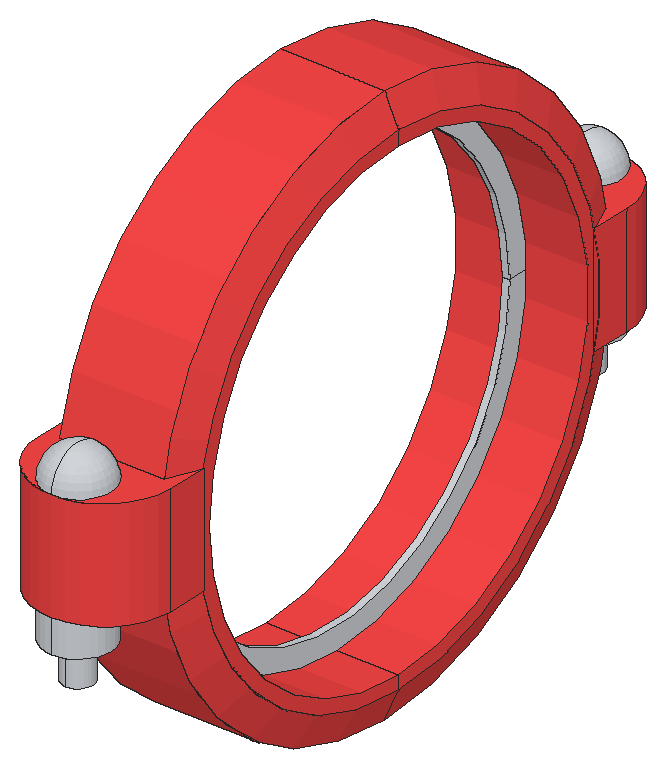
Revit family "G-Fire_Coupling_Grv_Fig.577_Metric", category Pipe Fittings, Revit 2018
Family settings
  Round Connector Dimension = Use Radius
  Part Type = Flange
  OmniClass Number = 23.60.30.11.14
  OmniClass Title = Pipework Fittings
  Work Plane-Based = No
  Always vertical = Yes
  Cut with Voids When Loaded = No
  Shared = Yes
Parameters (values of type "G-Fire_Coupling_Grv_Fig.577_Red3000")
  URL = "www.tyco-fire.com"
  Technical Data Sheet No = "TFP1854"
  Tag Number [instance] = ""
  Symbol Length [instance] = Pipe NR / 4  # 25 mm
  Symbol Height [instance] = Pipe ND / 2  # 100 mm
  Product Name = "G-FIRE Figure 577\r\nG-FIRE Figure 577\r\nGrooved Rigid Coupling"
  Pipe OR [instance] = Pipe OD / 2  # 109.55 mm
  Pipe OD [instance] = size_lookup(Lookup Table Name, "OD", Pipe ND + 3.2 mm, Pipe ND)  # 219.1 mm
  Pipe NR [instance] = Pipe ND / 2  # 100 mm
  Pipe ND [instance] = 200 mm
  PartNumber [instance] = size_lookup(Lookup Table Name, "", "NA", Pipe ND, GValue)  # "577-DN200"
  PNS [instance] = if(Tri_Seal, 0.5 mm, 0 mm)  # 0 mm
  PNE [instance] = if(GasketGradeE, 0 mm, 0 mm)  # 0 mm
  Model = "Fig.577"
  Meterial = Ductile iron ASTM A536
  Finish = Tyco - Red RAL3000
  End Gap [instance] = 3.175 mm
  Manufacturer = "Tyco"
  Loss Method = Not Defined
  Lookup Table Name = "Coupling-Tyco-577"
  Insertion Point [instance] = 0 mm
  Inner Radius [instance] = A / 2 - 15.875 mm  # 114.3 mm
  HaftC [instance] = C / 2  # 30.48 mm
  Tri_Seal [instance] = no
  GasketGradeE [instance] = no
  GValue [instance] = PNE + PNS  # 0 mm
  Fitting Size [instance] = if(and(Pipe ND = 25 mm), "25", if(and(Pipe ND = 32 mm), "32", if(and(Pipe ND = 40 mm), "40", if(and(Pipe ND = 50 mm), "50", if(and(Pipe ND = 65 mm), "65", if(and(Pipe ND = 80 mm), "80", if(and(Pipe ND = 100 mm), "100", if(and(Pipe ND = 125 mm), "125", if(and(Pipe ND = 150 mm), "150", if(and(Pipe ND = 200 mm), "200", if(and(Pipe ND = 250 mm), "250", if(and(Pipe ND = 300 mm), "300", if(and(Pipe ND = 25.4 mm), "1", if(and(Pipe ND = 31.8 mm), "1.25", if(and(Pipe ND = 38.1 mm), "1.5", if(and(Pipe ND = 50.8 mm), "2", if(and(Pipe ND = 63.5 mm), "2.5", if(and(Pipe ND = 76.2 mm), "3", if(and(Pipe ND = 101.6 mm), "4", if(and(Pipe ND = 127 mm), "5", if(and(Pipe ND = 152.4 mm), "6", if(and(Pipe ND = 203.2 mm), "8", if(and(Pipe ND = 254 mm), "10", if(and(Pipe ND = 304.8 mm), "12", "NA"))))))))))))))))))))))))  # "200"
  Fitting Description [instance] = "Rigid Coupling"
  Description = "Grooved Rigid Coupling"
  Coating = Tyco - Red RAL3000
  INC [instance] = Insertion Point - (C / 2)  # -30.48 mm
  COBie.Type.WarrantyGuarantorParts = "http://tycofsbp.com/TFPPTerms_of_Sale/TFPPTerms_of_Sale.pdf"
  COBie.Type.WarrantyGuarantorLabor = "n/a"
  COBie.Type.WarrantyDurationUnit = "year"
  COBie.Type.WarrantyDurationParts = "n/a"
  COBie.Type.WarrantyDurationLabor = "n/a"
  COBie.Type.WarrantyDescription = "n/a"
  COBie.Type.SustainabilityPerformance = "n/a"
  COBie.Type.Size [instance] = Fitting Size  # "200"
  COBie.Type.Shape = "n/a"
  COBie.Type.ReplacementCost = "0.00"
  COBie.Type.NominalWidth = "0.0"
  COBie.Type.NominalLength = "0.0"
  COBie.Type.NominalHeight = "0.0"
  COBie.Type.ModelReference = "Grooved Coupling (Gpf)"
  COBie.Type.ModelNumber [instance] = PartNumber  # "577-DN200"
  COBie.Type.Material = "Ductile Iron"
  COBie.Type.Manufacturer = "Tyco Fire Protection Products"
  COBie.Type.Grade = "n/a"
  COBie.Type.Finish = "n/a"
  COBie.Type.Features = "n/a"
  COBie.Type.ExpectedLife = "n/a"
  COBie.Type.DurationUnit = "year"
  COBie.Type.Constituents = "n/a"
  COBie.Type.Colour = "n/a"
  COBie.Type.CodePerformance = "n/a"
  COBie.Type.Category = "Pr_65_52_63_11:Fittings"
  COBie.Type.AssetType = "Fixed"
  COBie.Type.AccessibilityPerformance = "n/a"
  COBie.Type = yes
  COBie.CreatedOn [instance] = ""
  COBie.CreatedBy [instance] = "Johnson Controls RFa Builder v5.1.7.75"
  COBie.Component.WarrantyStartDate [instance] = "1900-12-31T23:59:59"
  COBie.Component.TagNumber [instance] = "n/a"
  COBie.Component.SerialNumber [instance] = "n/a"
  COBie.Component.Name [instance] = "Fittings:Grooved Coupling"
  COBie.Component.InstallationDate [instance] = "1900-12-31T23:59:59"
  COBie.Component.Description [instance] = "Grooved Coupling (Gpf)"
  COBie.Component.BarCode [instance] = "n/a"
  COBie.Component.AssetIdentifier [instance] = "n/a"
  COBie = yes
  C [instance] = size_lookup(Lookup Table Name, "C", 63.5 mm, Pipe ND)  # 60.96 mm
  BoltType = yes
  BoltDepth2 [instance] = if(and(Pipe ND = 50 mm), 92.1 mm, if(and(Pipe ND = 65 mm), 92.1 mm, if(and(Pipe ND = 80 mm), 92.1 mm, if(and(Pipe ND = 100 mm), 92.1 mm, if(and(Pipe ND = 125 mm), 114.3 mm, if(and(Pipe ND = 150 mm), 114.3 mm, if(and(Pipe ND = 200 mm), 114.3 mm, if(and(Pipe ND = 50.8 mm), 92.1 mm, if(and(Pipe ND = 63.5 mm), 92.1 mm, if(and(Pipe ND = 76.2 mm), 92.1 mm, if(and(Pipe ND = 101.6 mm), 92.1 mm, if(and(Pipe ND = 127 mm), 114.3 mm, if(and(Pipe ND = 152.4 mm), 114.3 mm, if(and(Pipe ND = 203.2 mm), 114.3 mm, BoltDepth1))))))))))))))  # 114.3 mm
  BoltDepth1 [instance] = if(and(Pipe ND = 25 mm), 57.2 mm, if(and(Pipe ND = 32 mm), 57.2 mm, if(and(Pipe ND = 40 mm), 57.2 mm, if(and(Pipe ND = 50 mm), 57.2 mm, if(and(Pipe ND = 65 mm), 57.2 mm, if(and(Pipe ND = 80 mm), 57.2 mm, if(and(Pipe ND = 100 mm), 57.2 mm, if(and(Pipe ND = 125 mm), 82.6 mm, if(and(Pipe ND = 150 mm), 82.6 mm, if(and(Pipe ND = 200 mm), 101.6 mm, if(and(Pipe ND = 250 mm), 165.1 mm, if(and(Pipe ND = 300 mm), 165.1 mm, if(and(Pipe ND = 350 mm), 139.7 mm, if(and(Pipe ND = 400 mm), 139.7 mm, if(and(Pipe ND = 450 mm), 139.7 mm, if(and(Pipe ND = 500 mm), 146.1 mm, if(and(Pipe ND = 600 mm), 146.1 mm, if(and(Pipe ND = 25.4 mm), 57.2 mm, if(and(Pipe ND = 31.8 mm), 57.2 mm, if(and(Pipe ND = 38.1 mm), 57.2 mm, if(and(Pipe ND = 50.8 mm), 57.2 mm, if(and(Pipe ND = 63.5 mm), 57.2 mm, if(and(Pipe ND = 76.2 mm), 57.2 mm, if(and(Pipe ND = 101.6 mm), 57.2 mm, if(and(Pipe ND = 127 mm), 82.6 mm, if(and(Pipe ND = 152.4 mm), 82.6 mm, if(and(Pipe ND = 203.2 mm), 101.6 mm, if(and(Pipe ND = 254 mm), 165.1 mm, if(and(Pipe ND = 304.8 mm), 165.1 mm, if(and(Pipe ND = 355.6 mm), 139.7 mm, if(and(Pipe ND = 406.4 mm), 139.7 mm, if(and(Pipe ND = 457.2 mm), 139.7 mm, if(and(Pipe ND = 508 mm), 146.1 mm, if(and(Pipe ND = 609.6 mm), 146.1 mm, 152.4 mm))))))))))))))))))))))))))))))))))  # 101.6 mm
  Bolt Radius [instance] = if(Pipe ND > 450 mm, 14.3 mm, if(Pipe ND > 300 mm, 12.7 mm, if(Pipe ND > 200 mm, 9.5 mm, if(Pipe ND > 150 mm, 6.9 mm, if(Pipe ND > 100 mm, 6.4 mm, if(Pipe ND > 20 mm, 4.8 mm, 12.7 mm))))))  # 6.9 mm
  Bolt Pad Depth [instance] = if(and(Pipe ND = 25 mm), 38.1 mm, if(and(Pipe ND = 32 mm), 38.1 mm, if(and(Pipe ND = 40 mm), 38.1 mm, if(and(Pipe ND = 50 mm), 38.1 mm, if(and(Pipe ND = 65 mm), 38.1 mm, if(and(Pipe ND = 80 mm), 38.1 mm, if(and(Pipe ND = 100 mm), 38.1 mm, if(and(Pipe ND = 125 mm), 44.5 mm, if(and(Pipe ND = 150 mm), 50.8 mm, if(and(Pipe ND = 200 mm), 50.8 mm, if(and(Pipe ND = 250 mm), 76.2 mm, if(and(Pipe ND = 300 mm), 76.2 mm, if(and(Pipe ND = 350 mm), 76.2 mm, if(and(Pipe ND = 25.4 mm), 38.1 mm, if(and(Pipe ND = 31.8 mm), 38.1 mm, if(and(Pipe ND = 38.1 mm), 38.1 mm, if(and(Pipe ND = 50.8 mm), 38.1 mm, if(and(Pipe ND = 63.5 mm), 38.1 mm, if(and(Pipe ND = 76.2 mm), 38.1 mm, if(and(Pipe ND = 101.6 mm), 38.1 mm, if(and(Pipe ND = 127 mm), 44.5 mm, if(and(Pipe ND = 152.4 mm), 50.8 mm, if(and(Pipe ND = 203.2 mm), 76.2 mm, if(and(Pipe ND = 254 mm), 76.2 mm, if(and(Pipe ND = 304.8 mm), 76.2 mm, if(and(Pipe ND = 355.6 mm), 76.2 mm, 114.3 mm))))))))))))))))))))))))))  # 50.8 mm
  Bolt L [instance] = size_lookup(Lookup Table Name, "Bolt", 151 mm, Pipe ND)  # 83 mm
  Bolt Depth [instance] = if(BoltType, BoltDepth1, BoltDepth2)  # 101.6 mm
  B [instance] = size_lookup(Lookup Table Name, "B", Pipe ND + 101.6 mm, Pipe ND)  # 324.612 mm
  Assembly Code = ""
  A/2 [instance] = A / 2  # 130.175 mm
  A [instance] = size_lookup(Lookup Table Name, "A", Pipe ND + 38.1 mm, Pipe ND)  # 260.35 mm
Types (3, lengths in mm): name | Finish | Coating
  G-Fire_Coupling_Grv_Fig.577_Red3000 | Tyco - Red RAL3000 | Tyco - Red RAL3000
  G-Fire_Coupling_Grv_Fig.577_Galvanized | Tyco - Galvanized | Tyco - Galvanized
  G-Fire_Coupling_Grv_Fig.577_Orange | Tyco - Orange Paint | Tyco - Orange Paint
Reference planes
  plane 1 "Center (Front/Back)": y = 0
  plane 2: z = 0
  plane 3 "Center (Left/Right)": x = 913.606
  plane 4: y = 50
  plane 5: y = -50
  plane 6: z = 130.175
  plane 7: z = 109.55
  plane 8: x = 883.126
  plane 9: x = 944.086
  plane 10: z = 112.725
  plane 11: x = 889.476
  plane 12: x = 937.736
  plane 13: z = 115.9
  plane 14: x = 912.019
  plane 15: x = 915.194
  plane 16: y = 100
Forms (mm)
  Revolve 1, solid, material "Tyco - Red RAL3000" <- "Finish", detail levels fine
    sketch origin (0, 0, 0) x (1, 0, 0) y (0, 0, 1)
      loop
        line (883.126, 109.55) -> (944.086, 109.55) -> (944.086, 115.9) -> (937.845, 130.175) -> (889.476, 130.175) -> (883.126, 115.9) -> (883.126, 109.55)
      axis (883.126, 0) -> (944.086, 0)
    angle from 0 to 360
  Revolve 2, void
    sketch origin (0, 0, 0) x (1, 0, 0) y (0, 0, 1)
      loop
        line (889.476, 112.725) -> (889.476, 109.55) -> (937.736, 109.55) -> (937.736, 112.725) -> (889.476, 112.725)
      axis (889.476, 0) -> (937.736, 0)
    angle from 0 to 360
  Revolve 3, solid, detail levels fine
    sketch origin (0, 0, 0) x (1, 0, 0) y (0, 1, 0)
      loop
        line (912.019, 100) -> (915.194, 100) -> (915.194, 112.725) -> (912.019, 112.725) -> (912.019, 100)
      axis (915.194, 0) -> (912.019, 0)
    angle from 0 to 360
Dimensions and locks
  equal spacing: plane 4, plane 1 "Center (Front/Back)", plane 5
  "Symbol Height": plane 4 to plane 5
  "A/2": plane 6 to level
  "Pipe OR": plane 7 to level
  "C": plane 9 to plane 8
  locked: plane 11 to plane 8 at 6.35
  locked: plane 9 to plane 12 at 6.35
  locked: plane 13 to plane 10 at 3.175
  equal spacing: plane 14, plane 3 "Center (Left/Right)", plane 15
  "End Gap": plane 14 to plane 15
  "Pipe NR": plane 1 "Center (Front/Back)" to plane 16
  "HaftC": plane 3 "Center (Left/Right)" to plane 8
  locked: plane 10 to plane 7 at 3.175
  aligned and locked: Revolve 1 sketch curve to plane 6  (x2)
  aligned and locked: plane 9 to Revolve 1 sketch curve
  aligned and locked: Revolve 1 sketch curve to plane 8
  aligned and locked: Revolve 1 sketch curve to plane 13
  aligned and locked: Revolve 1 sketch curve to plane 2
  aligned and locked: Revolve 2 sketch curve to plane 10
  aligned and locked: Revolve 2 sketch curve to plane 7
  aligned and locked: Revolve 2 sketch curve to plane 11
  aligned and locked: plane 12 to Revolve 2 sketch curve
  aligned and locked: Revolve 2 sketch curve to level
  aligned and locked: level to nested 1
  aligned and locked: nested 1 to plane 1 "Center (Front/Back)"
  aligned and locked: nested 2 to level
  aligned and locked: nested 2 to plane 1 "Center (Front/Back)"
  aligned and locked: plane 16 to Revolve 3 sketch curve
  aligned and locked: plane 15 to Revolve 3 sketch curve
  aligned and locked: Revolve 3 sketch curve to plane 14
  aligned and locked: Revolve 3 sketch curve to nested 1
  aligned and locked: Revolve 3 sketch curve to plane 1 "Center (Front/Back)"
Automatic sketch dimensions
  Revolve 2 sketch curve to plane 9 = 1623.36 mm
  Revolve 2 sketch curve to plane 8 = 2411.034 mm
  Revolve 3 sketch curve to plane 8 = 2400.399 mm
  Revolve 3 sketch curve to plane 9 = 573.187 mm
  Revolve 1 sketch curve to plane 11 = 0 mm
  Revolve 1 sketch curve to plane 7 = 0 mm
  Revolve 1 sketch curve to plane 13 = 0 mm
  plane 12 to Revolve 1 sketch curve = 0.109 mm
  Revolve 1 sketch curve to plane 8 = 2400.399 mm
  Revolve 1 sketch curve to plane 9 = 1623.36 mm
Nested families
  nested 1: "Coupling_Bolt_Pad" at (1265.272, 305.594, 0) x (0, 1, 0) z (0, 0, 1), Point <- "Insertion Point", Pipe OD <- "Pipe OD", Pipe ND <- "Pipe ND", C <- "C", Bolt Pad Depth <- "Bolt Pad Depth", Bolt Depth <- "BoltDepth1", B <- "B", A <- "A", Bolt Size <- "Bolt Radius", Coating <- "Finish", Bolt L <- "Bolt L", type "772-Rigid Coupling", detail levels fine
    with X2 162.306 mm, X 49.581 mm, Symbol Length 25 mm, Symbol Height 100 mm, Point 0 mm, Pipe OR 109.55 mm, Pipe OD 219.1 mm, Pipe NR 100 mm, Pipe ND 200 mm, PADX2 81.712 mm, PADX1 49.581 mm, PADX 112.725 mm, PAD1 76.2 mm, PAD 25.4 mm, NandBY1 15.24 mm, Max End Gap 3.175 mm, Insertion Point 112.725 mm, Inner Radius 114.3 mm, HaftC 30.48 mm, Coating Tyco - Red RAL3000, C 60.96 mm, Bolt Size 6.9 mm, Bolt Pad Depth 50.8 mm, Bolt L 83 mm, Bolt Depth 101.6 mm, B 324.612 mm, A/2 130.175 mm, A 260.35 mm
  nested 2: "Coupling_Bolt_Pad" at (1265.272, -305.594, 0) x (0, -1, 0) z (0, 0, 1), Point <- "Insertion Point", Pipe OD <- "Pipe OD", Pipe ND <- "Pipe ND", C <- "C", Bolt Pad Depth <- "Bolt Pad Depth", Bolt Depth <- "Bolt Depth", B <- "B", A <- "A", Bolt Size <- "Bolt Radius", Coating <- "Finish", Bolt L <- "Bolt L", type "772-Rigid Coupling", detail levels fine
    with X2 162.306 mm, X 49.581 mm, Symbol Length 25 mm, Symbol Height 100 mm, Point 0 mm, Pipe OR 109.55 mm, Pipe OD 219.1 mm, Pipe NR 100 mm, Pipe ND 200 mm, PADX2 81.712 mm, PADX1 49.581 mm, PADX 112.725 mm, PAD1 76.2 mm, PAD 25.4 mm, NandBY1 15.24 mm, Max End Gap 3.175 mm, Insertion Point 112.725 mm, Inner Radius 114.3 mm, HaftC 30.48 mm, Coating Tyco - Red RAL3000, C 60.96 mm, Bolt Size 6.9 mm, Bolt Pad Depth 50.8 mm, Bolt L 83 mm, Bolt Depth 101.6 mm, B 324.612 mm, A/2 130.175 mm, A 260.35 mm
  nested 3: "Symbol" at (913.606, 0, 0), Nominal Radius <- "Pipe OR", type "Standard"
    with Tick Size 88.91 mm, Nominal Radius 109.55 mm, Nominal Diameter 219.1 mm, Length 111.137 mm, Fitting Outside Radius 111.137 mm, Fitting Outside Diameter 222.275 mm
Connectors
  piping at (915.194, 0, 0), diameter 200, driven by "Pipe NR"
    settings: on Revolve 3, index 1, connector inside diameter 304.8 mm, connector length 0 mm, flow factor 0, pipe flow 0 GPM, pressure drop 0.00 psi, fitting loss kfactor 0, connector angle 0.00°, fixture units 0, engagement length 0 mm, angle of deflection 0.00°, flow configuration 0, flow direction 0, fitting loss method 0, system type 28, joint type 0, gender type 0, connector reference index -1, connector utility 0, adjustable connector no, is connector primary yes, connector description ""
  piping at (912.019, 0, 0), diameter 200, driven by "Pipe NR"
    settings: on Revolve 3, index 2, connector inside diameter 304.8 mm, connector length 0 mm, flow factor 0, pipe flow 0 GPM, pressure drop 0.00 psi, fitting loss kfactor 0, connector angle 0.00°, fixture units 0, engagement length 0 mm, angle of deflection 0.00°, flow configuration 0, flow direction 0, fitting loss method 0, system type 28, joint type 0, gender type 0, connector reference index -1, connector utility 0, adjustable connector no, is connector primary no, connector description ""
Definition of nested family "Coupling_Bolt_Pad"
  Parameters (values of type "Coupling_Pad")
    X2 [instance] = Insertion Point + X  # 287.536 mm
    X [instance] = PADX1  # 81.161 mm
    URL = ""
    Symbol Length [instance] = Pipe NR / 4  # 50.8 mm
    Symbol Height [instance] = Pipe ND / 2  # 203.2 mm
    Point [instance] = 304.8 mm
    Pipe OR [instance] = Pipe OD / 2  # 203.2 mm
    Pipe OD [instance] = 406.4 mm
    Pipe NR [instance] = Pipe ND / 2  # 203.2 mm
    Pipe ND [instance] = 406.4 mm
    PADX2 [instance] = B - (PADX + A / 2)  # 133.747 mm
    PADX1 [instance] = (B / 2) - PADX  # 81.161 mm
    PADX [instance] = Pipe OR + 3.175 mm  # 206.375 mm
    PAD1 [instance] = Bolt Depth - PAD  # 82.55 mm
    PAD [instance] = Bolt Pad Depth / 2  # 57.15 mm
    NandBY1 [instance] = HaftC / 2  # 18.604 mm
    Model = ""
    Max End Gap [instance] = 3.175 mm
    Manufacturer = ""
    Loss Method = (empty or 0)
    Insertion Point [instance] = PADX  # 206.375 mm
    Inner Radius [instance] = A / 2 - 15.875 mm  # 219.075 mm
    HaftC [instance] = C / 2  # 37.207 mm
    Gasket Type = none
    Description = ""
    Coating [instance] = none
    C [instance] = 74.414 mm
    Bolt Size [instance] = 13.524 mm
    Bolt Pad Depth [instance] = 114.3 mm
    Bolt L [instance] = 200 mm
    Bolt Depth [instance] = 139.7 mm
    B [instance] = 575.072 mm
    Assembly Code = ""
    A/2 [instance] = A / 2  # 234.95 mm
    A [instance] = 469.9 mm
  Types (2, lengths in mm): name | URL | Model | Manufacturer | Description | Bolt L
    Coupling_Pad | "" | "" | "" | "" | 200
    772-Rigid Coupling | "www.grinnell.com" | "Rigid Coupling" | "Tyco" | "Rigid Coupling" | 241.861
  Reference planes
    plane 1 "Center (Front/Back)": y = 46.866
    plane 2: z = 0
    plane 3 "Center (Left/Right)": x = -99.219
    plane 4: x = -305.594
    plane 5: y = 84.073
    plane 6: y = 9.659
    plane 7: x = -18.058
    plane 8: x = -55.265
    plane 9: z = 57.15
    plane 10: z = -57.15
    plane 11: x = -36.661
    plane 12: z = 75.754
    plane 13: x = -23.138
    plane 14: y = 351.666
    plane 15: x = -36.661
    plane 16: z = -142.85
  Forms (mm)
    Extrusion 1, solid, material <- "Coating", detail levels fine
      sketch origin (0, 0, 0) x (1, 0, 0) y (0, 1, 0)
        loop
          arc (-55.265, 9.659) -> (-18.058, 46.866) -> (-55.265, 84.073) r 37.207
          line (-55.265, 84.073) -> (-99.219, 84.073) -> (-99.219, 9.659) -> (-55.265, 9.659)
      from -57.15 to 57.15
    Revolve 2, solid, detail levels fine
      sketch origin (0, 46.866, 0) x (1, 0, 0) y (0, 0, 1)
        loop
          arc (-18.058, 57.15) -> (-23.507, 70.305) -> (-36.661, 75.754) r 18.604
          line (-36.661, 75.754) -> (-36.661, 57.15) -> (-18.058, 57.15)
        loop
          line (-36.661, -57.15) -> (-36.661, -75.754) -> (-18.058, -75.754) -> (-18.058, -57.15) -> (-36.661, -57.15)
        axis (-36.661, 75.754) -> (-36.661, -75.754)
      angle from 0 to 360
    Extrusion 3, solid, detail levels fine
      sketch origin (0, 0, 0) x (1, 0, 0) y (0, 1, 0)
        loop
          circle (-36.661, 46.866) r 13.524
      from -142.85 to 57.15
  Lines and regions (mm)
    reference lines, not visible
      curve 1: line (-305.594, 46.866, 0) -> (-99.219, 46.866, 0)
  Dimensions and locks
    "Insertion Point": plane 4 to plane 3 "Center (Left/Right)"
    "C": plane 5 to plane 6
    "HaftC": plane 5 to plane 1 "Center (Front/Back)"
    "X2": plane 4 to plane 7
    "HaftC": plane 8 to plane 7
    "Bolt Pad Depth": plane 9 to plane 10
    equal spacing: plane 7, plane 11, plane 8
    "NandBY1": plane 12 to plane 9
    locked: plane 7 to plane 13 at 5.08
    "PAD": plane 9 to level
    "NandBY1": plane 10 to Revolve 2 sketch curve
    "Point": plane 14 to plane 1 "Center (Front/Back)"
    equal spacing: plane 7, plane 15, plane 8
    "Bolt L": plane 16 to plane 9
    "Bolt Size": radius of Extrusion 3 sketch curve
    aligned and locked: plane 3 "Center (Left/Right)" to curve 1
    aligned and locked: plane 4 to curve 1
    aligned and locked: plane 8 to Extrusion 1 sketch curve  (x2)
    aligned and locked: Extrusion 1 sketch curve to plane 6
    aligned and locked: Extrusion 1 sketch curve to plane 5
    aligned and locked: plane 3 "Center (Left/Right)" to Extrusion 1 sketch curve
    aligned and locked: Extrusion 1 to plane 10
    aligned and locked: plane 9 to Extrusion 1
    aligned and locked: plane 10 to Revolve 2 sketch curve
    aligned and locked: plane 9 to Revolve 2 sketch curve
    aligned and locked: Revolve 2 sketch curve to plane 7
    aligned and locked: plane 11 to Revolve 2 sketch curve
    aligned and locked: plane 12 to Revolve 2 sketch curve
    aligned and locked: Revolve 2 sketch curve to plane 11
    aligned and locked: Revolve 2 sketch curve to plane 15
    aligned and locked: plane 1 "Center (Front/Back)" to Extrusion 3 sketch curve
    aligned and locked: plane 11 to Extrusion 3 sketch curve
    aligned and locked: plane 9 to Extrusion 3
    aligned and locked: Extrusion 3 to plane 16
  Automatic sketch dimensions
    plane 1 "Center (Front/Back)" to curve 1 = 0 mm
    Revolve 2 sketch curve to Revolve 2 sketch curve = 125.569 mm
    Revolve 2 sketch curve to plane 16 = 102.161 mm
Definition of nested family "Symbol"
  Parameters (values of type "Standard")
    Tick Size [instance] = Fitting Outside Diameter * 0.4  # 11.43 mm
    Nominal Radius [instance] = 12.5 mm
    Nominal Diameter [instance] = Nominal Radius * 2  # 25 mm
    Loss Method = 1
    Lookup Table Name = "M_Pipe Fitting - Generic"
    Length [instance] = Fitting Outside Radius  # 14.288 mm
    K Coefficient Table = "Reducer/Coupling/Union/Increaser"
    Fitting Outside Radius [instance] = Fitting Outside Diameter / 2  # 14.288 mm
    Fitting Outside Diameter [instance] = size_lookup(Lookup Table Name, "FOD", Nominal Diameter + 3.175 mm, Nominal Diameter)  # 28.575 mm
  Reference planes
    plane 1 "Center (Front/Back)": y = 0
    plane 2: z = 0
    plane 3 "Center (Left/Right)": x = 0
    plane 4: x = -7.144
    plane 5: x = 7.144
    plane 6: y = 11.43
    plane 7: y = -11.43
  Forms (mm)
    Extrusion 1, void
      sketch origin (0, 0, 0) x (0, 1, 0) y (0, 0, 1)
        loop
          circle (0, 0) r 14.288
      from -7.144 to 7.144
  Lines and regions (mm)
    model lines, detail levels coarse+medium
      curve 1: line (-7.144, 0, 0) -> (7.144, 0, 0)
      curve 2: line (-7.144, 11.43, 0) -> (-7.144, -11.43, 0)
      curve 3: line (7.144, 11.43, 0) -> (7.144, -11.43, 0)
  Dimensions and locks
    equal spacing: plane 4, plane 3 "Center (Left/Right)", plane 5
    "Length": plane 4 to plane 5
    "Tick Size": plane 6 to plane 1 "Center (Front/Back)"
    "Tick Size": plane 7 to plane 1 "Center (Front/Back)"
    "Fitting Outside Radius": radius of Extrusion 1 sketch curve
    aligned and locked: plane 2 to Extrusion 1 sketch curve
    aligned and locked: plane 1 "Center (Front/Back)" to Extrusion 1 sketch curve
    aligned and locked: Extrusion 1 to plane 4
    aligned and locked: Extrusion 1 to plane 5
    aligned and locked: plane 6 to curve 2
    aligned and locked: plane 7 to curve 2
    aligned and locked: curve 2 to plane 4
    aligned and locked: plane 6 to curve 3
    aligned and locked: plane 7 to curve 3
    aligned and locked: plane 5 to curve 3
    aligned and locked: plane 4 to curve 1
    aligned and locked: plane 5 to curve 1
    aligned and locked: plane 1 "Center (Front/Back)" to curve 1
  Connectors
    piping at (-7.144, 0, 0), diameter 25, driven by "Nominal Radius"
      settings: on Extrusion 1, index 1, connector inside diameter 25 mm, connector length 0 mm, flow factor 0, pipe flow 0 GPM, pressure drop 0.00 psi, fitting loss kfactor 0, connector angle 0.00°, fixture units 0, engagement length 0 mm, angle of deflection 0.00°, flow configuration 0, flow direction 0, fitting loss method 0, system type 28, joint type 0, gender type 0, connector reference index 2, connector utility 0, adjustable connector no, is connector primary yes, connector description ""
    piping at (7.144, 0, 0), diameter 25, driven by "Nominal Radius"
      settings: on Extrusion 1, index 2, connector inside diameter 25 mm, connector length 0 mm, flow factor 0, pipe flow 0 GPM, pressure drop 0.00 psi, fitting loss kfactor 0, connector angle 0.00°, fixture units 0, engagement length 0 mm, angle of deflection 0.00°, flow configuration 0, flow direction 0, fitting loss method 0, system type 28, joint type 0, gender type 0, connector reference index 1, connector utility 0, adjustable connector no, is connector primary no, connector description ""
